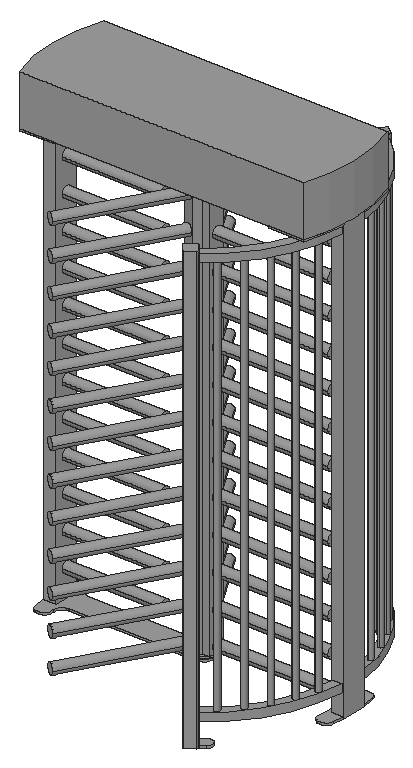
Revit family "ASSA_ABLOY_FT100", category Generic Models, Revit 2020 (continued)
Definition of nested family "record_MRT_RevolvingElement"
  Forms (mm)
    Sweep 15, solid, material <- "Frame Material", not visible, detail levels medium
      profile origin (-186.682, -323.358, 37) x (0.86605, -0.499957, 0) y (0, 0, 1)
        loop
          line (-25.5, 212) -> (-25.5, 161) -> (25.5, 161) -> (25.5, 212) -> (-25.5, 212)
        loop
          line (-25.5, 51) -> (-25.5, 0) -> (25.5, 0) -> (25.5, 51) -> (-25.5, 51)
    Sweep 16, solid, material <- "Frame Material", not visible, detail levels fine
      path origin (0, 0, 37) x (0, -1, 0) y (1, 0, 0)
        loop
          line (0, 60.877) -> (0, 685.877)
      profile origin (373.377, 0, 37) x (0, 1, 0) y (0, 0, 1)
        loop
          circle (0, 25.5) r 25.5
        loop
          circle (0, 186.5) r 25.5
        loop
          circle (0, 347.5) r 25.5
        loop
          circle (0, 508.5) r 25.5
        loop
          circle (0, 669.5) r 25.5
        loop
          circle (0, 830.5) r 25.5
        loop
          circle (0, 991.5) r 25.5
        loop
          circle (0, 1152.5) r 25.5
        loop
          circle (0, 1313.5) r 25.5
        loop
          circle (0, 1474.5) r 25.5
        loop
          circle (0, 1635.5) r 25.5
        loop
          circle (0, 1796.5) r 25.5
        loop
          circle (0, 1957.5) r 25.5
    Sweep 17, solid, material <- "Frame Material", not visible, detail levels fine
      path origin (0, 0, 37) x (0, -1, 0) y (1, 0, 0)
        loop
          line (-52.722, -30.439) -> (-593.989, -342.946)
      profile origin (-186.693, 323.356, 37) x (-0.866021, -0.500007, 0) y (0, 0, 1)
        loop
          circle (0, 25.5) r 25.5
        loop
          circle (0, 186.5) r 25.5
        loop
          circle (0, 347.5) r 25.5
        loop
          circle (0, 508.5) r 25.5
        loop
          circle (0, 669.5) r 25.5
        loop
          circle (0, 830.5) r 25.5
        loop
          circle (0, 991.5) r 25.5
        loop
          circle (0, 1152.5) r 25.5
        loop
          circle (0, 1313.5) r 25.5
        loop
          circle (0, 1474.5) r 25.5
        loop
          circle (0, 1635.5) r 25.5
        loop
          circle (0, 1796.5) r 25.5
        loop
          circle (0, 1957.5) r 25.5
    Sweep 18, solid, material <- "Frame Material", not visible, detail levels fine
      path origin (0, 0, 37) x (0, -1, 0) y (1, 0, 0)
        loop
          line (52.717, -30.446) -> (593.999, -342.919)
      profile origin (-186.682, -323.358, 37) x (0.86605, -0.499957, 0) y (0, 0, 1)
        loop
          circle (0, 25.5) r 25.5
        loop
          circle (0, 186.5) r 25.5
        loop
          circle (0, 347.5) r 25.5
        loop
          circle (0, 508.5) r 25.5
        loop
          circle (0, 669.5) r 25.5
        loop
          circle (0, 830.5) r 25.5
        loop
          circle (0, 991.5) r 25.5
        loop
          circle (0, 1152.5) r 25.5
        loop
          circle (0, 1313.5) r 25.5
        loop
          circle (0, 1474.5) r 25.5
        loop
          circle (0, 1635.5) r 25.5
        loop
          circle (0, 1796.5) r 25.5
        loop
          circle (0, 1957.5) r 25.5
  Dimensions and locks
    plane 3 "Center (Left/Right)" to plane 4 = 60.0 mm
    plane 6 to plane 2 = 2110.5 mm
    level to plane 11 "Rods" = 37.0 mm
    "Rods Offset": plane 11 "Rods" to plane 2
    "Rods Length": plane 4 to plane 5
    "Rods Length": plane 10 to plane 7
    "Rods Length": plane 8 to plane 9
    aligned and locked: level to plane 2
    aligned and locked: plane 11 "Rods" to Sweep 2
    aligned and locked: plane 11 "Rods" to Sweep 4
    aligned and locked: plane 11 "Rods" to Sweep 3
    aligned and locked: profile plane to plane 11 "Rods"
    aligned and locked: profile plane to plane 12 "Rods"
    aligned and locked: plane 4 to Sweep 9 sketch curve
    aligned and locked: plane 4 to Sweep 2 sketch curve
    aligned and locked: Sweep 3 sketch curve to plane 13
    aligned and locked: plane 7 to Sweep 3 sketch curve
    aligned and locked: Sweep 10 sketch curve to plane 13
    aligned and locked: Sweep 10 sketch curve to Sweep 3
    aligned and locked: plane 10 to Sweep 10 sketch curve
    aligned and locked: Sweep 11 sketch curve to plane 14
    aligned and locked: plane 8 to Sweep 11 sketch curve
    aligned and locked: Sweep 4 sketch curve to plane 14
    aligned and locked: Sweep 4 sketch curve to Sweep 11
    aligned and locked: plane 7 to Extrusion 12 sketch curve
  Automatic sketch dimensions
    Extrusion 1 sketch curve to plane 8 = 0.0 mm  (x2)
    plane 1 "Center (Front/Back)" to Extrusion 1 sketch curve = 0.0 mm
    Extrusion 1 sketch curve to plane 4 = 0.0 mm
    plane 3 "Center (Left/Right)" to Extrusion 1 sketch curve = 23.094 mm  (x2)
    plane 3 "Center (Left/Right)" to Extrusion 1 sketch curve = 4.203 mm
    plane 3 "Center (Left/Right)" to Extrusion 1 sketch curve = 4.649 mm
    Extrusion 1 sketch curve to plane 3 "Center (Left/Right)" = 46.188 mm
    Extrusion 1 sketch curve to Extrusion 1 sketch curve = 18.444 mm
    plane 1 "Center (Front/Back)" to Extrusion 1 sketch curve = 32.723 mm
    plane 1 "Center (Front/Back)" to Extrusion 1 sketch curve = 40.0 mm
    Extrusion 1 sketch curve to plane 1 "Center (Front/Back)" = 31.946 mm
    Extrusion 1 sketch curve to plane 1 "Center (Front/Back)" = 40.0 mm
    Extrusion 1 sketch curve to Extrusion 1 sketch curve = 0.0 mm
    Extrusion 1 sketch curve to Extrusion 1 sketch curve = 31.947 mm
    plane 1 "Center (Front/Back)" to Extrusion 5 sketch curve = 0.0 mm
    plane 3 "Center (Left/Right)" to Extrusion 5 sketch curve = 0.0 mm
    plane 1 "Center (Front/Back)" to Extrusion 6 sketch curve = 0.0 mm
    plane 3 "Center (Left/Right)" to Extrusion 6 sketch curve = 0.0 mm
    plane 3 "Center (Left/Right)" to Extrusion 7 sketch curve = 0.0 mm
    plane 1 "Center (Front/Back)" to Extrusion 7 sketch curve = 6.584 mm
    plane 3 "Center (Left/Right)" to Extrusion 8 sketch curve = 0.0 mm
    plane 1 "Center (Front/Back)" to Extrusion 8 sketch curve = 6.584 mm
    Sweep 9 sketch curve to profile plane = 0.0 mm  (x13)
    Sweep 9 sketch curve to Sweep 9 sketch curve = 161.0 mm  (x12)
    Sweep 10 sketch curve to profile plane = 0.0 mm  (x13)
    Sweep 11 sketch curve to profile plane = 0.0 mm  (x13)
    Sweep 11 sketch curve to Sweep 11 sketch curve = 161.0 mm  (x12)
    profile plane to Sweep 4 sketch curve = 25.5 mm  (x13)
    Sweep 4 sketch curve to profile plane = 25.5 mm  (x13)
    Sweep 4 sketch curve to Sweep 4 sketch curve = 51.0 mm  (x13)
    Sweep 4 sketch curve to Sweep 4 sketch curve = 110.0 mm  (x12)
    profile plane to Sweep 2 sketch curve = 25.5 mm  (x3)
    Sweep 2 sketch curve to Sweep 2 sketch curve = 0.0 mm  (x10)
    Sweep 2 sketch curve to Sweep 2 sketch curve = 51.0 mm  (x26)
    Sweep 2 sketch curve to Sweep 2 sketch curve = 110.0 mm  (x12)
    profile plane to Sweep 3 sketch curve = 25.5 mm  (x13)
    Sweep 3 sketch curve to profile plane = 25.5 mm  (x13)
    Sweep 3 sketch curve to Sweep 3 sketch curve = 51.0 mm  (x13)
    Sweep 3 sketch curve to Sweep 3 sketch curve = 110.0 mm  (x12)
    Extrusion 12 sketch curve to plane 8 = 0.0 mm  (x2)
    plane 1 "Center (Front/Back)" to Extrusion 12 sketch curve = 0.0 mm
    Extrusion 12 sketch curve to plane 4 = 0.0 mm
    plane 3 "Center (Left/Right)" to Extrusion 12 sketch curve = 23.094 mm  (x2)
    plane 3 "Center (Left/Right)" to Extrusion 12 sketch curve = 4.203 mm
    plane 3 "Center (Left/Right)" to Extrusion 12 sketch curve = 4.649 mm
    Extrusion 12 sketch curve to Extrusion 12 sketch curve = 18.444 mm
    plane 1 "Center (Front/Back)" to Extrusion 12 sketch curve = 32.723 mm
    plane 1 "Center (Front/Back)" to Extrusion 12 sketch curve = 40.0 mm
    Extrusion 12 sketch curve to plane 1 "Center (Front/Back)" = 31.946 mm
    Extrusion 12 sketch curve to Extrusion 12 sketch curve = 0.0 mm
    Sweep 2 sketch curve to profile plane = 0.0 mm
    profile plane to Sweep 3 sketch curve = 0.0 mm
    Sweep 4 sketch curve to profile plane = 0.0 mm
    profile plane to Sweep 9 sketch curve = 25.5 mm
    profile plane to Sweep 11 sketch curve = 25.5 mm
    Sweep 16 sketch curve to profile plane = 0.0 mm  (x13)
    Sweep 16 sketch curve to Sweep 16 sketch curve = 161.0 mm  (x12)
    Sweep 17 sketch curve to profile plane = 0.0 mm  (x13)
    Sweep 17 sketch curve to Sweep 17 sketch curve = 161.0 mm  (x12)
    Sweep 18 sketch curve to profile plane = 0.0 mm  (x13)
    Sweep 18 sketch curve to Sweep 18 sketch curve = 161.0 mm  (x12)
    profile plane to Sweep 15 sketch curve = 25.5 mm  (x13)
    Sweep 15 sketch curve to profile plane = 25.5 mm  (x13)
    Sweep 15 sketch curve to Sweep 15 sketch curve = 51.0 mm  (x13)
    Sweep 15 sketch curve to Sweep 15 sketch curve = 110.0 mm  (x12)
    profile plane to Sweep 13 sketch curve = 25.5 mm  (x3)
    Sweep 13 sketch curve to Sweep 13 sketch curve = 0.0 mm  (x10)
    Sweep 13 sketch curve to Sweep 13 sketch curve = 51.0 mm  (x26)
    Sweep 13 sketch curve to Sweep 13 sketch curve = 110.0 mm  (x12)
    profile plane to Sweep 14 sketch curve = 25.5 mm  (x13)
    Sweep 14 sketch curve to profile plane = 25.5 mm  (x13)
    Sweep 14 sketch curve to Sweep 14 sketch curve = 51.0 mm  (x13)
    Sweep 14 sketch curve to Sweep 14 sketch curve = 110.0 mm  (x12)
    Sweep 13 sketch curve to Sweep 13 sketch curve = 625.0 mm
    Sweep 13 sketch curve to profile plane = 0.0 mm
    Sweep 14 sketch curve to Sweep 14 sketch curve = 541.267 mm
    Sweep 14 sketch curve to Sweep 14 sketch curve = 312.507 mm
    profile plane to Sweep 14 sketch curve = 0.0 mm
    Sweep 15 sketch curve to Sweep 15 sketch curve = 541.283 mm
    Sweep 15 sketch curve to Sweep 15 sketch curve = 312.474 mm
    Sweep 15 sketch curve to profile plane = 0.0 mm
    Sweep 16 sketch curve to Sweep 16 sketch curve = 625.0 mm
    profile plane to Sweep 16 sketch curve = 25.5 mm
    Sweep 17 sketch curve to Sweep 17 sketch curve = 541.267 mm
    Sweep 17 sketch curve to Sweep 17 sketch curve = 312.507 mm
    profile plane to Sweep 17 sketch curve = 25.5 mm
    Sweep 18 sketch curve to Sweep 18 sketch curve = 541.283 mm
    Sweep 18 sketch curve to Sweep 18 sketch curve = 312.474 mm
    profile plane to Sweep 18 sketch curve = 25.5 mm
    profile plane to Sweep 10 sketch curve = 25.5 mm
    Sweep 10 sketch curve to Sweep 10 sketch curve = 161.0 mm  (x12)
    Sweep 9 sketch curve to plane 5 = 0.0 mm
    plane 1 "Center (Front/Back)" to Sweep 9 sketch curve = 0.0 mm
    Sweep 2 sketch curve to plane 5 = 0.0 mm
    plane 1 "Center (Front/Back)" to Sweep 2 sketch curve = 0.0 mm
    Sweep 3 sketch curve to plane 10 = 0.0 mm
    Sweep 11 sketch curve to plane 9 = 0.0 mm
    Sweep 4 sketch curve to plane 9 = 0.0 mm
    radius of Extrusion 5 sketch curve = 70.5 mm
    radius of Extrusion 6 sketch curve = 20.0 mm
    radius of Extrusion 7 sketch curve = 70.5 mm
    radius of Extrusion 8 sketch curve = 20.0 mm
    radius of Sweep 9 sketch curve = 25.5 mm  (x13)
    radius of Sweep 10 sketch curve = 25.5 mm  (x13)
    radius of Sweep 11 sketch curve = 25.5 mm  (x13)
    radius of Sweep 16 sketch curve = 25.5 mm  (x13)
    radius of Sweep 17 sketch curve = 25.5 mm  (x13)
    radius of Sweep 18 sketch curve = 25.5 mm  (x13)
Definition of nested family "record_MRT_CZ"
  Parameters (values of type "record_MRT_CZ")
    Width [instance] = 1600.0 mm
    Default Elevation = 0.0 mm
    Clearance Zone Material [instance] = none
    Clearance Zone [instance] = yes
    CZRadius2 [instance] = Width / 2 - 99.2 mm  # 700.8 mm
    CZRadius1 [instance] = Width / 2 + 5.0 mm  # 805.0 mm
    Angle [instance] = if(Width = 1441.0 mm, 52.95°, if(Width = 1501.0 mm, 54.90°, 55.73°))  # 55.73°
  Reference planes
    plane 1 "Center (Front/Back)": y = 0
    plane 2: z = 0
    plane 3 "Center (Left/Right)": x = 0
    plane 4: z = 2125
    plane 5: x = 800
    plane 6: x = -800
  Forms (mm)
    Sweep 1, solid, not visible
      path origin (743.754, 172.094, 0) x (0, 0, 1) y (0.225717, -0.974193, 0)
        loop
          line (148.5, 0) -> (2077, 0)
      profile origin (743.754, 172.094, 1112.75) x (0.225717, -0.974193, 0) y (0.974193, 0.225717, 0)
        loop
          circle (0, -0.066) r 10
    Sweep 2, solid, not visible
      path origin (709.973, 280.46, 0) x (0, 0, 1) y (0.36785, -0.929885, 0)
        loop
          line (148.5, 0) -> (2077, 0)
      profile origin (709.973, 280.46, 1112.75) x (0.36785, -0.929885, 0) y (0.929885, 0.36785, 0)
        loop
          circle (0, -0.066) r 10
    Sweep 3, solid, not visible
      path origin (660.477, 382.61, 0) x (0, 0, 1) y (0.50183, -0.864966, 0)
        loop
          line (148.5, 0) -> (2077, 0)
      profile origin (660.477, 382.61, 1112.75) x (0.50183, -0.864966, 0) y (0.864966, 0.50183, 0)
        loop
          circle (0, -0.066) r 10
    Sweep 4, solid, not visible
      path origin (599.29, 472.625, 0) x (0, 0, 1) y (0.625012, -0.780615, 0)
        loop
          line (148.5, -5) -> (2077, -5)
      profile origin (596.165, 476.528, 1112.75) x (0.625012, -0.780615, 0) y (0.780615, 0.625012, 0)
        loop
          circle (0, -0.066) r 10
    Sweep 5, solid, not visible
      path origin (522.49, 556.213, 0) x (0, 0, 1) y (0.73398, -0.679171, 0)
        loop
          line (148.5, -5) -> (2077, -5)
      profile origin (518.82, 559.609, 1112.75) x (0.73398, -0.679171, 0) y (0.679171, 0.73398, 0)
        loop
          circle (0, -0.066) r 10
    Sweep 6, solid, not visible
      path origin (434.471, 627.239, 0) x (0, 0, 1) y (0.826376, -0.563119, 0)
        loop
          line (0, -5) -> (2130, -5)
      profile origin (430.339, 630.054, 1065) x (0.826376, -0.563119, 0) y (0.563119, 0.826376, 0)
        loop
          line (-6.4, 29.934) -> (-53.6, 29.934)
          arc (-53.6, 29.934) -> (-58.125, 28.06) -> (-60, 23.534) r 6.4
          line (-60, 23.534) -> (-60, -23.666)
          arc (-60, -23.666) -> (-58.125, -28.191) -> (-53.6, -30.066) r 6.4
          line (-53.6, -30.066) -> (-6.4, -30.066)
          arc (-6.4, -30.066) -> (-1.875, -28.191) -> (0, -23.666) r 6.4
          line (0, -23.666) -> (0, 23.534)
          arc (0, 23.534) -> (-1.875, 28.06) -> (-6.4, 29.934) r 6.4
    Sweep 7, solid, not visible
      path origin (0, 0, 0) x (1, 0, 0) y (0, 1, 0)
        loop
          arc (763.43, 0) -> (675.033, 356.342) -> (430.339, 630.054) r 762.43
      profile origin (675.033, 356.342, 0) x (-0.884058, -0.467376, 0) y (0, 0, 1)
        loop
          line (19.934, 108.5) -> (19.934, 148.5) -> (-20.066, 148.5) -> (-20.066, 108.5) -> (19.934, 108.5)
        loop
          line (19.934, 2077) -> (19.934, 2117) -> (-20.066, 2117) -> (-20.066, 2077) -> (19.934, 2077)
    Sweep 8, solid, not visible
      path origin (430.339, 630.054, 0) x (0, 0, 1) y (0.826376, -0.563119, 0)
        loop
          line (0, 0) -> (8, 0)
      profile origin (430.339, 630.054, 4) x (0.826376, -0.563119, 0) y (0.563119, 0.826376, 0)
        loop
          line (0, 27.934) -> (0, -28.066)
          arc (0, -28.066) -> (14.452, -28.208) -> (28.898, -28.634) r 734.365
          arc (28.898, -28.634) -> (57.978, -1.758) -> (31.102, 27.322) r 28
          arc (31.102, 27.322) -> (15.554, 27.781) -> (0, 27.934) r 790.365
    Sweep 9, solid, not visible
      path origin (473.627, 546.001, 0) x (0, 0, 1) y (0.755398, -0.655267, 0)
        loop
          line (148.5, 0) -> (2077, 0)
      profile origin (473.627, 546.001, 1112.75) x (0.755398, -0.655267, 0) y (0.655267, 0.755398, 0)
        loop
          arc (10, -0.066) -> (0, 9.934) -> (-10, -0.066) r 10
          line (-10, -0.066) -> (-10, -10) -> (10, -10) -> (10, -0.066)
    Extrusion 10, solid, material <- "Clearance Zone Material", visible <- "Clearance Zone"
      sketch origin (0, 0, 0) x (1, 0, 0) y (0, 1, 0)
        loop
          arc (339.199, 613.241) -> (-287.271, 639.215) -> (-683.782, 153.5) r 700.8
          line (-683.782, 153.5) -> (-805, 153.5) -> (-805, -153.5) -> (-683.782, -153.5)
          arc (-683.782, -153.5) -> (-287.271, -639.215) -> (339.199, -613.241) r 700.8
          line (339.199, -613.241) -> (398.095, -699.675)
          arc (398.095, -699.675) -> (805, 0) -> (398.095, 699.675) r 805
          line (398.095, 699.675) -> (339.199, 613.241)
      from 0 to 2135
    Extrusion 11, void
      sketch origin (0, 0, 0) x (1, 0, 0) y (0, 1, 0)
        loop
          line (-930, 255) -> (-930, -255) -> (930, -255) -> (930, 255) -> (-930, 255)
      from 2115 to 2500
  Cuts and joins
    Extrusion 11 cuts Extrusion 10
  Lines and regions (mm)
    reference lines
      curve 1: line (0, 0, 0) -> (453.29, 665.247, 0)
      curve 2: circle (0, 0, 0) r 805 normal (0, 0, 1)
      curve 3: circle (0, 0, 0) r 700.8 normal (0, 0, 1)
      curve 4: line (0, 0, 0) -> (453.29, -665.247, 0)
  Dimensions and locks
    plane 4 to plane 2 = 2125.0 mm
    equal spacing: plane 6, plane 3 "Center (Left/Right)", plane 5
    "Width": plane 6 to plane 5
    equal spacing: curve 2, plane 3 "Center (Left/Right)", curve 2
    equal spacing: curve 2, plane 1 "Center (Front/Back)", curve 2
    locked: plane 3 "Center (Left/Right)" to curve 1
    locked: Extrusion 10 sketch curve to plane 1 "Center (Front/Back)" at 153.5
    locked: plane 1 "Center (Front/Back)" to Extrusion 10 sketch curve at 153.5
    locked: curve 1 to Extrusion 10 sketch curve at 65
    locked: Extrusion 10 sketch curve to curve 4 at 65
    "CZRadius1": radius of curve 2
    "CZRadius2": radius of curve 3
    "Angle": angle plane 1 "Center (Front/Back)" to curve 1
    "Angle": angle curve 4 to plane 1 "Center (Front/Back)"
    aligned and locked: level to plane 2
    aligned and locked: Extrusion 10 sketch curve to curve 3  (x2)
    aligned and locked: plane 1 "Center (Front/Back)" to curve 4
    aligned and locked: Extrusion 10 sketch curve to curve 2
  Automatic sketch dimensions
    Sweep 9 sketch curve to profile plane = 0.0 mm
    profile plane to Sweep 9 sketch curve = 10.0 mm
    Sweep 9 sketch curve to profile plane = 10.0 mm
    Sweep 9 sketch curve to profile plane = 0.066 mm
    Sweep 9 sketch curve to Sweep 9 sketch curve = 1928.5 mm
    plane 6 to Extrusion 11 sketch curve = 130.0 mm
    plane 5 to Extrusion 11 sketch curve = 130.0 mm
    plane 1 "Center (Front/Back)" to Extrusion 11 sketch curve = 255.0 mm
    Extrusion 11 sketch curve to plane 1 "Center (Front/Back)" = 255.0 mm
    plane 6 to Extrusion 10 sketch curve = 5.0 mm
    curve 2 to curve 3 = 0.0 mm  (x2)
